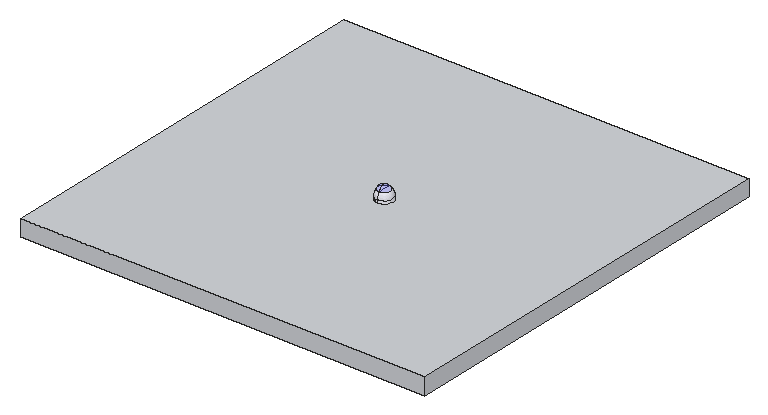
Revit family "PD4-GH-AP types Avec hôte", category Dispositifs d'éclairage, Revit 2019
Family settings
  Hôte = Face
  Conserver l'orientation des annotations = Oui
  Cote de connecteur circulaire = Utiliser le diamètre
  Type d'élément = Normal
  Couper avec des vides une fois chargée = Non
  Partagée = Non
  Point de calcul de pièce = Non
Parameters (values of type "01- PD4-GH-AP Générique")
  Zone de detection [instance] = no
  URL = "http://www.luxomat.com"
  Type de Sortie = ""
  Température ambiante = "-25°C à +50°C"
  Référence = ""
  Relais = ""
  Position en hauteur [instance] = 1000 cm
  Portée frontale larg [instance] = if(Position en hauteur > 1001 cm, 1900 cm, (Position en hauteur * 2) - 100 cm)  # 1900 cm
  Portée frontale [instance] = if(Position en hauteur > 1001 cm, 3000 cm, Position en hauteur * 3)  # 3000 cm
  Modèle = "PD4-GH-AP"
  Mode de pose = "Saillie"
  Marque = "LUXOMAT"
  Image du type = 360°.jpg
  IP = "20 ou 54 avec Socle IP54"
  Hauteur de montage max préconisée [instance] = Hauteur de montage max  # 1400 cm
  Hauteur de montage max = 1400 cm
  Fabricant = "B.E.G."
  Etiquette [instance] = yes
  Default Elevation = 0 cm
  Consommation = ""
  Commentaires du type = "DET.PRES.GRANDE HAUTEUR.360°/Ø30M APPARENT"
  Code d'assemblage = "D5010200"
  Classe = "II"
  Charge LED = ""
  Charge Cos ɸ =1 = ""
  Charge Cos ɸ =0.5 = ""
  Alimentation = "110-240 V AC"
Types (10, lengths in cm): name | Type de Sortie | Température ambiante | Référence | Relais | Modèle | IP | Consommation | Commentaires du type | Charge LED | Charge Cos ɸ =1 | Charge Cos ɸ =0.5 | Alimentation
  (no name) | "" | "-25°C à +50°C" | "" | "" | "PD4-GH-AP" | "20 ou 54 avec Socle IP54" | "" | "DET.PRES.GRANDE HAUTEUR.360°/Ø30M APPARENT" | "" | "" | "" | "110-240 V AC"
  01- PD4-GH-AP Générique | "" | "-25°C à +50°C" | "" | "" | "PD4-GH-AP" | "20 ou 54 avec Socle IP54" | "" | "DET.PRES.GRANDE HAUTEUR.360°/Ø30M APPARENT" | "" | "" | "" | "110-240 V AC"
  02- PD4-M-1C-GH-AP réf 92245 | "TOR" | "-25°C à +50°C" | "92245" | "10 A" | "PD4-M-1C-GH-AP" | "20 ou 54 avec Socle IP54" | "0,45 W" | "DET.PRES.MAITRE.GRANDE HAUTEUR.1 CONTACT.360°/Ø30M APPARENT" | "300 W" | "2300 W" | "1150 VA" | "110-240 V AC"
  08- PD4-KNX-GH-DX-AP réf 93399 | "KNX - 1 sortie Eclairage TOR ou GRADATION / 3 sorties Présence / Capteur de température" | "-5°C à +45°C" | "93399" | "0" | "PD4-KNX-GH-DX-AP" | "54" | "12 mA" | "DET.PRES.GRANDE HAUTEUR.KNX.VERSION DELUXE.360°/Ø30M APPARENT" | "0" | "0" | "0" | "24 V DC par BUS KNX"
  04- PD4-S-GH-AP réf 92265 | "Esclave" | "-25°C à +50°C" | "92265" | "0" | "PD4-S-GH-AP" | "54" | "0,25 W" | "DET.PRES.ESCLAVE.GRANDE HAUTEUR.360°/Ø30M APPARENT" | "0" | "0" | "0" | "110-240 V AC"
  06- PD4-DALISYS-GH-AP réf 93345 | "DALI Adressable" | "-25°C à +50°C" | "93345" | "0" | "PD4-DALISYS-GH-AP" | "54" | "7 mA" | "MULTI.CAPTEUR.PRES.GRANDE HAUTEUR.DALISYS.360°/Ø30M APPARENT" | "0" | "0" | "0" | "10 à 22 V DC par BUS DALI"
  03- PD4-M-DACO-GH-AP réf 93469 | "DALI 2  (40 drivers maxi)" | "-25°C à +50°C" | "93469" | "0" | "PD4-M-DACO-GH-AP" | "54" | "2 W" | "DET.PRES.GRANDE HAUTEUR.DALI 2.360°/Ø30M APPARENT" | "0" | "0" | "0" | "110-240 V AC"
  05- PD4-DALILINK-GH-AP réf 93845 | "DALILINK" | "-25°C à +50°C" | "93845" | "0" | "PD4-DALILINK-GH-AP" | "54" | "7 mA" | "MULTI.CAPTEUR.PRES.GRANDE HAUTEUR.DALILINK.360°/Ø30M APPARENT" | "0" | "0" | "0" | "16V DC par bus DALI"
  07- PD4-BMS-DALI-2-GH-AP réf 93545 | "DALI 2 Adressable - BMS" | "-25°C à +50°C" | "93545" | "0" | "PD4-BMS-DALI-2-GH-AP" | "54" | "7 mA" | "MULTI.CAPTEUR.PRES.GRANDE HAUTEUR.BMS.DALI 2.360°/Ø30M APPARENT" | "0" | "0" | "0" | "10 à 22 V DC par BUS DALI"
  09- PD4-KNXs-GH-DX-AP réf 93518 | "KNX Sécure - 1 sortie Eclairage TOR ou GRADATION / 3 sorties Présence / Capteur de température / HCL" | "-5°C à +45°C" | "93518" | "0" | "PD4-KNXs-GH-DX-AP" | "54" | "12 mA" | "DET.PRES.GRANDE HAUTEUR.KNX Sécure.VERSION DELUXE.360°/Ø30M APPARENT" | "0" | "0" | "0" | "24 V DC par BUS KNX"
Reference planes (cm)
  plane 1 "Centre (avant/arrière)": y = 0
  plane 2: z = 0
  plane 3 "Centre (gauche/droite)": x = 0
Forms (cm)
  Extrusion 1, solid
    sketch origin (0, 0, 0) x (1, 0, 0) y (0, 1, 0)
      loop
        line (-121.92, 121.92) -> (-121.92, -121.92) -> (121.92, -121.92) -> (121.92, 121.92) -> (-121.92, 121.92)
    from 0 to -10
Dimensions and locks (cm)
  aligned and locked: plane 2 to Extrusion 1
  aligned and locked: level to Extrusion 1
  aligned and locked: nested 2 to plane 2
  aligned and locked: nested 4 to nested 1
  aligned and locked: nested 4 to plane 1 "Centre (avant/arrière)"
Nested families (cm)
  nested 1: "Famille1" at (0, 64.585, 0) x (-1, 0, 0) z (0, 0, 1), modele <- "Modèle", visible <- "Etiquette", référence <- "Référence", type "Famille1"
    with référence "", modele "PD4-GH-AP"
  nested 2: "M14" at (0, 0, 0), type "Standard"
  nested 3: "Plafond 360° 2D" at (0, 0, 0), type "Plafond 360° 2D"
  nested 4: "Zone 360° - Ø30m Grande Hauteur" at (0, 0, 0), visible <- "Zone de detection", Frontale Larg <- "Portée frontale larg", Frontale Long <- "Portée frontale", type "Zone 360° - Ø30m Grande Hauteur"
    with position 2 475 cm, position 1 750 cm, Frontale Long 3000 cm, Frontale Larg 1900 cm
Connectors (cm)
  electrical at (0, 0, 0)
    settings: on nested 2, index 1, voltage 230 V, apparent load 0 VA, apparent load phase1 0 VA, apparent load phase2 0 VA, apparent load phase3 0 VA, power factor 1, load classification "Eclairage", number of poles 1, system type 31, power factor state 1, is connector primary yes, connector utility no, sub classification motor no, connector description ""
Definition of nested family "M14"
  Reference planes (cm)
    plane 1 "Centre (avant/arrière)": y = 0
    plane 2: z = 0
    plane 3 "Centre (gauche/droite)": x = 0
    plane 4: x = 0
  Forms (cm)
    Revolve 1, solid
      sketch origin (0, 0, 0) x (0, -1, 0) y (0, 0, 1)
        loop
          line (0, 0) -> (0, 5) -> (-3.8, 5)
          arc (-3.8, 5) -> (-4.577, 3.2225) -> (-4.8363, 1.3) r 7
          line (-4.8363, 1.3) -> (-4.9363, 1.3) -> (-5.05, 0) -> (0, 0)
        axis (0, 0) -> (0, 5)
      angle from 0 to 360
    Revolve 2, solid
      sketch origin (0, 0, 0) x (0, -1, 0) y (0, 0, 1)
        loop
          arc (0, 7.6) -> (-2.2816, 6.8864) -> (-3.75, 5) r 4.0043
          line (-3.75, 5) -> (0, 5) -> (0, 7.6)
        axis (0, 5) -> (0, 7.6)
      angle from 0 to 360
  Lines and regions (cm)
    reference lines
      curve 1: line (0, 0, 0) -> (0, 0, 7.6)
      curve 2: line (0, 0, 5) -> (0, 3.8, 5)
      curve 3: arc (0, 3.8, 5) -> (0, 4.577, 3.2225) -> (0, 4.8363, 1.3) r 7
      curve 4: line (0, 4.9363, 1.3) -> (0, 4.8363, 1.3)
      curve 5: line (0, 5.05, 0) -> (0, 4.9363, 1.3)
      curve 6: line (0, 0, 0) -> (0, 5.05, 0)
      curve 7: arc (0, 0, 7.6) -> (0, 2.2816, 6.8864) -> (0, 3.75, 5) r 4.0043
      curve 8: line (0, 3.75, 5) -> (0, 0, 5)
      curve 9: line (0, 0, 7.6) -> (0, 0, 5)
      curve 10: line (0, 0, 0) -> (0, 0, 7.6)
  Dimensions and locks (cm)
    aligned and locked: level to plane 2
    aligned and locked: Revolve 1 sketch curve to curve 1  (x2)
    aligned and locked: Revolve 1 sketch curve to curve 2
    aligned and locked: Revolve 1 sketch curve to curve 3
    aligned and locked: Revolve 1 sketch curve to curve 4
    aligned and locked: Revolve 1 sketch curve to curve 5
    aligned and locked: Revolve 1 sketch curve to curve 6
    aligned and locked: Revolve 2 sketch curve to curve 7
    aligned and locked: Revolve 2 sketch curve to curve 8
    aligned and locked: Revolve 2 sketch curve to curve 9
    aligned and locked: Revolve 2 sketch curve to curve 10
Definition of nested family "Famille1"
  Parameters (values of type "Famille1")
    référence [instance] = ""
    modele [instance] = ""
  Reference planes (cm)
    plane 1: y = 0
    plane 2: x = 0
  Text (cm)
    label "référence\nmodele" at (0.0074, 0.0451, 0), shows "référence", "modele"
Definition of nested family "Plafond 360° 2D"
  Reference planes (cm)
    plane 1: y = 0
    plane 2: x = 0
  Lines and regions (cm)
    Filled region 1, type "rouge"
      outline origin (0, 0, 0) x (1, 0, 0) y (0, 1, 0)
        loop
          circle (0, 0) r 0.0294
    detail lines
      curve 1: arc (-0.1732, 0.1, 0) -> (-0.2, 0, 0) -> (-0.1732, -0.1, 0) r 0.2
      curve 2: arc (-0.1, -0.1732, 0) -> (0, -0.2, 0) -> (0.1, -0.1732, 0) r 0.2
      curve 3: arc (0.1732, -0.1, 0) -> (0.2, 0, 0) -> (0.1732, 0.1, 0) r 0.2
      curve 4: arc (0.1, 0.1732, 0) -> (0, 0.2, 0) -> (-0.1, 0.1732, 0) r 0.2
      curve 5: arc (-0.1375, 0.0794, 0) -> (-0.1588, 0, 0) -> (-0.1375, -0.0794, 0) r 0.1588
      curve 6: arc (-0.0794, -0.1375, 0) -> (0, -0.1588, 0) -> (0.0794, -0.1375, 0) r 0.1588
      curve 7: arc (0.1375, -0.0794, 0) -> (0.1588, 0, 0) -> (0.1375, 0.0794, 0) r 0.1588
      curve 8: arc (0.0794, 0.1375, 0) -> (0, 0.1588, 0) -> (-0.0794, 0.1375, 0) r 0.1588
      curve 9: arc (-0.1019, 0.0588, 0) -> (-0.1176, 0, 0) -> (-0.1019, -0.0588, 0) r 0.1176
      curve 10: arc (-0.0588, -0.1019, 0) -> (0, -0.1176, 0) -> (0.0588, -0.1019, 0) r 0.1176
      curve 11: arc (0.1019, -0.0588, 0) -> (0.1176, 0, 0) -> (0.1019, 0.0588, 0) r 0.1176
      curve 12: arc (0.0588, 0.1019, 0) -> (0, 0.1176, 0) -> (-0.0588, 0.1019, 0) r 0.1176
      curve 13: arc (-0.0294, 0, 0) -> (0, -0.0294, 0) -> (0.0294, 0, 0) r 0.0294
      curve 14: arc (0.0294, 0, 0) -> (0, 0.0294, 0) -> (-0.0294, 0, 0) r 0.0294
Definition of nested family "Zone 360° - Ø30m Grande Hauteur"
  Parameters (values of type "Zone 360° - Ø30m Grande Hauteur")
    position 2 [instance] = (Frontale Larg / 2) * 0.5  # 475 cm
    position 1 [instance] = (Frontale Long / 2) * 0.5  # 750 cm
    Frontale Long [instance] = 3000 cm
    Frontale Larg [instance] = 1900 cm
  Reference planes (cm)
    plane 1 "Centre (avant/arrière)": y = 0
    plane 2: z = 0
    plane 3 "Centre (gauche/droite)": x = 0
    plane 4: x = -750
    plane 5: y = -475
  Lines and regions (cm)
    detail lines, in view "Niveau de réf."
      curve 1: spline (-1500, 0, 0) -> (-1448.8887, 245.8781, 0) -> (-1299.0381, 475, 0) -> (-1060.6602, 671.7514, 0) -> (-750, 822.7241, 0) -> (-388.2286, 917.6295, 0) -> (0, 950, 0) -> (388.2286, 917.6295, 0) -> (750, 822.7241, 0) -> (1060.6602, 671.7514, 0) -> (1299.0381, 475, 0) -> (1448.8887, 245.8781, 0) -> (1500, 0, 0) -> (1448.8887, -245.8781, 0) -> (1299.0381, -475, 0) -> (1060.6602, -671.7514, 0) -> (750, -822.7241, 0) -> (388.2286, -917.6295, 0) -> (0, -950, 0) -> (-388.2286, -917.6295, 0) -> (-750, -822.7241, 0) -> (-1060.6602, -671.7514, 0) -> (-1299.0381, -475, 0) -> (-1448.8887, -245.8781, 0) -> (-1500, 0, 0)
      curve 2: line (-750, 0, 0) -> (-667.055, 0, 0)
      curve 3: line (-667.055, 0, 0) -> (-695.4233, 22.1638, 0)
      curve 4: line (-667.055, 0, 0) -> (-695.4233, -22.1638, 0)
      curve 8: line (0, -529.5767, 0) -> (0, -446.6316, 0)
      curve 9: line (0, -446.6316, 0) -> (-22.1638, -475, 0)
      curve 10: line (0, -446.6316, 0) -> (22.1638, -475, 0)
    detail lines, in view "Niveau de réf.", not visible
      curve 5: line (586.5931, -22.8044, 0) -> (669.5381, -22.8044, 0)
      curve 6: line (669.5381, -22.8044, 0) -> (641.1697, -0.6406, 0)
      curve 7: line (669.5381, -22.8044, 0) -> (641.1697, -44.9682, 0)
      curve 11: line (628.0656, -64.277, 0) -> (628.0656, 18.6681, 0)
      curve 12: line (628.0656, 18.6681, 0) -> (605.9018, -9.7003, 0)
      curve 13: line (628.0656, 18.6681, 0) -> (650.2294, -9.7003, 0)
  Dimensions and locks (cm)
    "position 2": plane 5 to plane 1 "Centre (avant/arrière)"
    "Frontale Long": curve 1 to curve 1
    "Frontale Larg": curve 1 to curve 1
    "position 1": plane 4 to plane 3 "Centre (gauche/droite)"
    aligned and locked: plane 5 to curve 10
    aligned and locked: curve 8 to plane 3 "Centre (gauche/droite)"
    aligned and locked: curve 2 to plane 1 "Centre (avant/arrière)"
    aligned and locked: plane 4 to curve 2
  Automatic sketch dimensions
    curve 9 to curve 9 = 22.1638 cm
    curve 8 to curve 10 = 22.1638 cm
    curve 10 to curve 9 = 28.3684 cm
    curve 9 to curve 9 = 28.3684 cm
    curve 8 to curve 9 = 54.5767 cm
    curve 12 to curve 12 = 22.1638 cm
    curve 11 to curve 13 = 22.1638 cm
    curve 13 to curve 12 = 28.3684 cm
    curve 12 to curve 12 = 28.3684 cm
    curve 11 to curve 12 = 54.5767 cm
    curve 4 to curve 3 = 28.3684 cm
    curve 3 to curve 3 = 28.3684 cm
    curve 2 to curve 4 = 54.5767 cm
    curve 4 to curve 3 = 22.1638 cm
    curve 3 to curve 3 = 22.1638 cm
    curve 7 to curve 6 = 28.3684 cm
    curve 6 to curve 6 = 28.3684 cm
    curve 5 to curve 7 = 54.5767 cm
    curve 7 to curve 6 = 22.1638 cm
    curve 6 to curve 6 = 22.1638 cm
    curve 1 to plane 1 "Centre (avant/arrière)" = 0 cm
    curve 1 to plane 3 "Centre (gauche/droite)" = 0 cm
